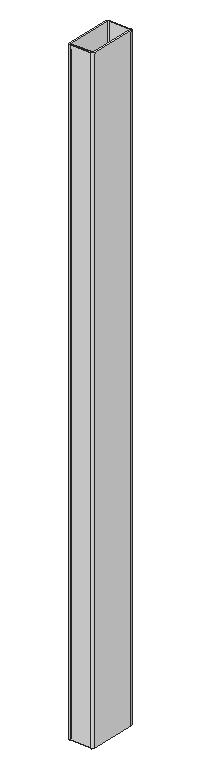
Revit family
Parameters (values of type "200x100xRHS")
  Column Material [instance] = Metal - Steel - 345 MPa
  A = 28.70 m²
  Ix = 0
  M = 22.6
  Zx = 0
  b = 100 mm
  h = 200 mm
  tr = 2 * t  # 10 mm
  t = 5 mm
Reference planes
  plane 1 "Center (Front/Back)": y = 0
  plane 2: z = 0
  plane 3 "Center (Left/Right)": x = 0
  plane 4: x = -50
  plane 5: x = 50
  plane 6: y = 100
  plane 7: y = -100
  plane 8: x = -40
  plane 9: y = -90
  plane 10: y = 90
  plane 11: x = 40
Forms (mm)
  Extrusion 1, solid, material "Metal - Steel - 345 MPa" <- "Column Material", detail levels medium
    sketch origin (0, 0, 0) x (1, 0, 0) y (0, 1, 0)
      loop
        line (-50, 100) -> (-50, -100) -> (50, -100) -> (50, 100) -> (-50, 100)
      loop
        line (-45, 95) -> (-45, -95) -> (45, -95) -> (45, 95) -> (-45, 95)
    from 0 to 2500
  Extrusion 2, solid, material "Metal - Steel - 345 MPa" <- "Column Material", detail levels fine
    sketch origin (0, 0, 0) x (1, 0, 0) y (0, 1, 0)
      loop
        arc (-40, 100) -> (-47.071, 97.071) -> (-50, 90) r 10
        line (-50, 90) -> (-50, -90)
        arc (-50, -90) -> (-47.071, -97.071) -> (-40, -100) r 10
        line (-40, -100) -> (40, -100)
        arc (40, -100) -> (47.071, -97.071) -> (50, -90) r 10
        line (50, -90) -> (50, 90)
        arc (50, 90) -> (47.071, 97.071) -> (40, 100) r 10
        line (40, 100) -> (-40, 100)
      loop
        arc (-40, 95) -> (-43.536, 93.536) -> (-45, 90) r 5
        line (-45, 90) -> (-45, -90)
        arc (-45, -90) -> (-43.536, -93.536) -> (-40, -95) r 5
        line (-40, -95) -> (40, -95)
        arc (40, -95) -> (43.536, -93.536) -> (45, -90) r 5
        line (45, -90) -> (45, 90)
        arc (45, 90) -> (43.536, 93.536) -> (40, 95) r 5
        line (40, 95) -> (-40, 95)
    from 0 to 2500
Lines and regions (mm)
  symbolic lines, style "StructuralColumnStickSymbols", detail levels coarse
    curve 1: line (-50, 100, 0) -> (50, 100, 0)
    curve 2: line (-50, -100, 0) -> (50, -100, 0)
    curve 5: line (-50, 100, 0) -> (-50, -100, 0)
    curve 6: line (50, 100, 0) -> (50, -100, 0)
  symbolic lines, style "Hidden Faces", detail levels medium+fine
    curve 3: line (-45, 0, 0) -> (-45, 0, 2500)
    curve 4: line (45, 0, 2500) -> (45, 0, 0)
Dimensions and locks
  equal spacing: plane 4, plane 3 "Center (Left/Right)", plane 5
  equal spacing: plane 7, plane 1 "Center (Front/Back)", plane 6
  "h": plane 7 to plane 6
  "b": plane 4 to plane 5
  "t": Extrusion 1 sketch curve to plane 5
  "t": plane 4 to Extrusion 1 sketch curve
  "t": Extrusion 1 sketch curve to plane 6
  "t": Extrusion 1 sketch curve to plane 7
  "t": Extrusion 2 sketch curve to plane 6
  "t": Extrusion 2 sketch curve to plane 5
  "t": plane 4 to Extrusion 2 sketch curve
  "t": Extrusion 2 sketch curve to plane 7
  "tr": plane 10 to plane 6
  "tr": plane 7 to plane 9
  "tr": plane 11 to plane 5
  "tr": plane 4 to plane 8
  aligned and locked: plane 6 to Extrusion 1 sketch curve
  aligned and locked: Extrusion 1 sketch curve to plane 7
  aligned and locked: Extrusion 1 sketch curve to plane 4
  aligned and locked: plane 5 to Extrusion 1 sketch curve
  aligned and locked: level to Extrusion 1
  aligned and locked: level to plane 2
  aligned and locked: Extrusion 1 to plane 2
  aligned and locked: curve 1 to Extrusion 2 sketch curve
  aligned and locked: Extrusion 2 sketch curve to Extrusion 1
  aligned and locked: level to Extrusion 2
  aligned and locked: curve 4 to Extrusion 2
  aligned and locked: curve 3 to Extrusion 2
Automatic sketch dimensions
  Extrusion 2 sketch curve to plane 8 = 0 mm  (x4)
  Extrusion 2 sketch curve to plane 7 = 0 mm
  Extrusion 2 sketch curve to plane 11 = 0 mm
  Extrusion 2 sketch curve to plane 10 = 0 mm  (x2)
  Extrusion 2 sketch curve to plane 9 = 0 mm  (x2)
  curve 3 to level = 0 mm  (x2)
  curve 4 to level = 0 mm  (x2)
  curve 5 to plane 4 = 0 mm
  curve 2 to plane 5 = 0 mm
  curve 5 to plane 7 = 0 mm
  curve 5 to plane 6 = 0 mm
